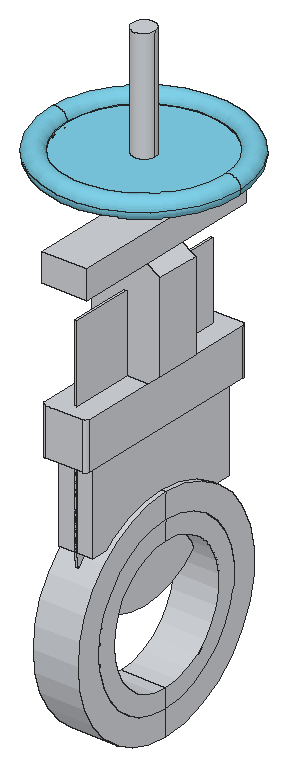
Revit family "6500", category Pipe Accessories, Revit 2018
Family settings
  Round Connector Dimension = Use Diameter
  Part Type = Valve - Breaks Into
  Work Plane-Based = No
  Always vertical = Yes
  Cut with Voids When Loaded = No
  Shared = No
Parameters (values of type "6500 Knife Gate Valve")
  pipe radius [instance] = Pipe Diameter / 2  # 3.3125"
  pad fillet [instance] = 0.205"  # constant formula
  fillet1 [instance] = 0.074"  # constant formula
  center of handle [instance] = H8 - HND1  # 20.370"
  Weight [instance] = size_lookup(LookupTable, "Weight", "NA", Nominal Diameter)  # "51 lbs."
  WR3 [instance] = 0.250"  # constant formula
  WH1 [instance] = size_lookup(LookupTable, "WH1", 0.000", Nominal Diameter)  # 14.64525"
  WD1 [instance] = size_lookup(LookupTable, "WD1", 0.000", Nominal Diameter)  # 10.000"
  W5 [instance] = size_lookup(LookupTable, "W5", 0.000", Nominal Diameter)  # 10.000"
  W4 [instance] = size_lookup(LookupTable, "W4", 0.000", Nominal Diameter)  # 2.250"
  W3 [instance] = R2 * 2  # 8.500"
  URL = "http://www.fnw.com"
  Standards Lookup Table = "Standards"  # constant formula
  R2 [instance] = size_lookup(LookupTable, "R2", 0.000", Nominal Diameter)  # 4.250"
  R1 [instance] = size_lookup(LookupTable, "R1", 0.000", Nominal Diameter)  # 5.500"
  Product ID [instance] = size_lookup(LookupTable, "ProductID", "NA", Nominal Diameter)  # "0"
  Pipe Diameter [instance] = size_lookup(Standards Lookup Table, "pipe_dia", 0.000", Nominal Diameter)  # 6.625"
  Part Number [instance] = size_lookup(LookupTable, "PartNumber", "NA", Nominal Diameter)  # "FNW6500U"
  Nominal Diameter [instance] = 6"
  LookupTable = "6500 Knife Gate Valve"  # constant formula
  L2 [instance] = 0.125"  # constant formula
  L1 [instance] = size_lookup(LookupTable, "L1", 0.000", Nominal Diameter)  # 2.250"
  HND1 [instance] = if(Nominal Diameter < 4.000", 0.380", 0.500")  # 0.500"
  H9 [instance] = size_lookup(LookupTable, "H9", 0.000", Nominal Diameter)  # 25.980"
  H8 [instance] = size_lookup(LookupTable, "H8", 0.000", Nominal Diameter)  # 20.870"
  H7 [instance] = size_lookup(LookupTable, "H7", 0.000", Nominal Diameter)  # 18.0575"
  H5 [instance] = size_lookup(LookupTable, "H5", 0.000", Nominal Diameter)  # 17.6825"
  H4 [instance] = size_lookup(LookupTable, "H4", 0.000", Nominal Diameter)  # 16.2725"
  H3 [instance] = size_lookup(LookupTable, "H3", 0.000", Nominal Diameter)  # 10.850"
  H2 [instance] = size_lookup(LookupTable, "H2", 0.000", Nominal Diameter)  # 8.500"
  Description BOM [instance] = size_lookup(LookupTable, "Description_BOM", "NA", Nominal Diameter)  # "6 6500 Knife Gate Valve"
  D8 [instance] = size_lookup(LookupTable, "D8", 0.000", Nominal Diameter)  # 3.375"
  D7 [instance] = size_lookup(LookupTable, "D7", 0.000", Nominal Diameter)  # 8.875"
  D6 [instance] = size_lookup(LookupTable, "D6", 0.000", Nominal Diameter)  # 1.8125"
  D4 [instance] = size_lookup(LookupTable, "D4", 0.000", Nominal Diameter)  # 1.125"
  D3 [instance] = size_lookup(LookupTable, "D3", 0.000", Nominal Diameter)  # 1.6875"
  D1 [instance] = size_lookup(LookupTable, "D1", 0.000", Nominal Diameter)  # 2.250"
  Braceanlge [instance] = 60.00°  # constant formula
  BRC1 [instance] = 0.500"  # constant formula
  Angle [instance] = 120.00°  # constant formula
Reference planes (in)
  plane 1 "Center (Front/Back)": y = 0
  plane 2: z = 0
  plane 3 "Center (Left/Right)": x = 0
  plane 4: y = 0.375
  plane 5: y = -0.375
  plane 6: z = 5.5
  plane 7: z = 3.3125
  plane 8: x = -1.125
  plane 9: x = 1.125
  plane 10: z = 8.5
  plane 11: z = 10.85
  plane 12: z = 20.87
  plane 13: x = 4.4375
  plane 14: x = -4.4375
  plane 15: x = 0.90625
  plane 16: x = -0.90625
  plane 17: x = -0.84375
  plane 18: x = 0.84375
  plane 19: x = 0.87625
  plane 20: x = -0.87625
  plane 21: x = 1.125
  plane 22: x = -1.125
  plane 23: x = -0.625
  plane 24: x = 0.625
  plane 25: z = 25.98
  plane 26: x = -0.5625
  plane 27: x = 0.5625
  plane 28 "center of handle": z = 20.37
  plane 29: z = 4.25
  plane 30: y = -0.345
  plane 31: y = 0.345
  plane 32: y = -1.1875
  plane 33: y = 1.1875
  plane 34: y = -4.25
  plane 35: y = 4.25
  plane 36: y = 5
  plane 37: y = -5
  plane 38: z = 18.0575
  plane 39: y = 0.625
  plane 40: y = -0.625
  plane 41: x = -0.0625
  plane 42: x = 0.0625
  plane 43 "TOP SHAPE BASE": z = 16.2725
  plane 44: z = 17.6825
  plane 45: x = 1.125
  plane 46: x = -1.125
  plane 47: x = 1.6875
  plane 48: x = -1.6875
  plane 49: z = 11.35
  plane 50: z = 15.7725
  plane 51: y = 1.125
  plane 52: y = -1.125
  plane 53: y = -5
  plane 54: y = 5
Forms (in)
  Revolve 1, solid
    sketch origin (0, 0, 0) x (-1, 0, 0) y (0, 0, 1)
      loop
        line (-1.125, 5.5) -> (-1.125, 4.25) -> (1.125, 4.25) -> (1.125, 5.5) -> (-1.125, 5.5)
      axis (1.125, 0) -> (-1.125, 0)
    angle from 0 to 360
  Revolve 2, solid
    sketch origin (0, 0, 0) x (1, 0, 0) y (0, 0, 1)
      loop
        line (-1.125, 4.25) -> (-1.125, 3.3125) -> (1.125, 3.3125) -> (1.125, 4.25) -> (-1.125, 4.25)
      axis (-1.125, 0) -> (1.125, 0)
    angle from 0 to 360
  Extrusion 3, solid
    sketch origin (0, 0, 0) x (1, 0, 0) y (0, 1, 0)
      loop
        arc (-0.92, 5) -> (-1.06496, 4.93996) -> (-1.125, 4.795) r 0.205
        line (-1.125, 4.795) -> (-1.125, -4.795)
        arc (-1.125, -4.795) -> (-1.06496, -4.93996) -> (-0.92, -5) r 0.205
        line (-0.92, -5) -> (0.92, -5)
        arc (0.92, -5) -> (1.06496, -4.93996) -> (1.125, -4.795) r 0.205
        line (1.125, -4.795) -> (1.125, 4.795)
        arc (1.125, 4.795) -> (1.06496, 4.93996) -> (0.92, 5) r 0.205
        line (0.92, 5) -> (-0.92, 5)
    from 8.5 to 10.85
  Sweep 4, solid, material "Lever Handle Blue lt"
    path in 3D
      loop
        arc (4.4375, 0, 20.37) -> (0, 4.4375, 20.37) -> (-4.4375, 0, 20.37) r 4.4375
        arc (-4.4375, 0, 20.37) -> (0, -4.4375, 20.37) -> (4.4375, 0, 20.37) r 4.4375
    profile origin (0, -4.4375, 20.37) x (0, 1, 0) y (0, 0, 1)
      loop
        circle (0.08977, 0) r 0.5
  Extrusion 5, solid
    sketch origin (0, 0, 20.37) x (-1, 0, 0) y (0, -1, 0)
      loop
        circle (0, 0) r 0.5625
    from -9.52 to 5.61
  Extrusion 6, solid
    sketch origin (0, 0, 0) x (0, 1, 0) y (0, 0, 1)
      loop
        line (4.25, 4.25) -> (4.25, 14.64525) -> (-4.25, 14.64525) -> (-4.25, 4.25)
        arc (-4.25, 4.25) -> (-3.0052, 1.2448) -> (0, 0) r 4.25
        arc (0, 0) -> (3.0052, 1.2448) -> (4.25, 4.25) r 4.25
    from -0.0625 to 0.0625
  Extrusion 7, solid
    sketch origin (0, 0, 0) x (0, 1, 0) y (0, 0, 1)
      loop
        line (-4.25, 8.5) -> (-4.25, 4.25) -> (4.25, 4.25) -> (4.25, 8.5) -> (-4.25, 8.5)
    from -0.84375 to 0.84375
  Extrusion 8, solid
    sketch origin (0, 0, 9.3925) x (0, -1, 0) y (1, 0, 0)
      loop
        line (-5, -1.125) -> (5, -1.125) -> (5, 1.125) -> (-5, 1.125) -> (-5, -1.125)
    from 6.88 to 8.29
  Extrusion 9, solid
    sketch origin (0, 0, 0) x (1, 0, 0) y (0, 0, 1)
      loop
        line (-0.87625, 16.2725) -> (-1.6875, 15.7725) -> (-1.6875, 11.35) -> (-1.125, 10.85) -> (1.125, 10.85) -> (1.6875, 11.35) -> (1.6875, 15.7725) -> (0.87625, 16.2725) -> (-0.87625, 16.2725)
    from -1.125 to 1.125
  Blend 10, solid, material "Lever Handle Blue lt"
    base sketch origin (0, 0, 16.2725) x (0, -1, 0) y (1, 0, 0)
      loop
        circle (0, 0) r 4.4375
    top sketch origin (0, 0, 16.2725) x (0, -1, 0) y (1, 0, 0)
      loop
        circle (0, 0) r 1.25
    from 4.0975 to 1.785
Lines and regions (in)
  model lines
    curve 1: circle (0, 0, 20.37) r 4.4375 normal (0, 0, 1)
  sketch lines
    curve 2: circle (0, 0, 20.37) r 4.4375 normal (0, 0, 1)
Dimensions and locks (in)
  equal spacing: plane 9, plane 3 "Center (Left/Right)", plane 8
  "L1": plane 9 to plane 8
  "center of handle": plane 28 "center of handle" to plane 2
  "H8": plane 12 to plane 2
  "H3": plane 11 to plane 2
  "H2": plane 10 to plane 2
  "R1": plane 6 to plane 2
  "H9": plane 25 to plane 2
  equal spacing: plane 13, plane 3 "Center (Left/Right)", plane 14
  "D7": plane 13 to plane 14
  equal spacing: plane 15, plane 3 "Center (Left/Right)", plane 16
  "D6": plane 15 to plane 16
  equal spacing: plane 26, plane 3 "Center (Left/Right)", plane 27
  "D4": plane 26 to plane 27
  equal spacing: plane 17, plane 3 "Center (Left/Right)", plane 18
  "D3": plane 17 to plane 18
  equal spacing: plane 21, plane 3 "Center (Left/Right)", plane 22
  "D1": plane 21 to plane 22
  "pipe radius": plane 7 to plane 2
  "R2": plane 29 to plane 2
  equal spacing: plane 30, plane 1 "Center (Front/Back)", plane 31
  plane 30 to plane 31 = 0.690"
  equal spacing: plane 32, plane 1 "Center (Front/Back)", plane 33
  equal spacing: plane 34, plane 1 "Center (Front/Back)", plane 35
  "W3": plane 34 to plane 35
  equal spacing: plane 36, plane 1 "Center (Front/Back)", plane 37
  "H7": plane 38 to plane 2
  "WD1": plane 36 to plane 37
  equal spacing: plane 39, plane 1 "Center (Front/Back)", plane 40
  plane 39 to plane 40 = 1.250"
  "WH1": Extrusion 6 sketch curve to level
  equal spacing: plane 42, plane 3 "Center (Left/Right)", plane 41
  "L2": plane 42 to plane 41
  "H4": plane 43 "TOP SHAPE BASE" to plane 2
  "H5": plane 44 to plane 2
  equal spacing: plane 48, plane 3 "Center (Left/Right)", plane 47
  "D8": plane 48 to plane 47
  "BRC1": plane 43 "TOP SHAPE BASE" to plane 50
  "BRC1": plane 49 to plane 11
  equal spacing: plane 51, plane 1 "Center (Front/Back)", plane 52
  "W4": plane 51 to plane 52
  equal spacing: plane 53, plane 1 "Center (Front/Back)", plane 54
  "W5": plane 53 to plane 54
  equal spacing: plane 46, plane 3 "Center (Left/Right)", plane 45
  "D1": plane 46 to plane 45
  "pad fillet": radius of Extrusion 3 sketch curve  (x4)
  "D7": diameter of curve 1
  "HND1": radius of Sweep 4 sketch curve
  "D4": diameter of Extrusion 5 sketch curve
  "R2": radius of Extrusion 6 sketch curve  (x2)
  "D7": diameter of Blend 10 sketch curve
  radius of Blend 10 sketch curve = 1.250"
  aligned and locked: plane 2 to level
  aligned and locked: Revolve 1 sketch curve to plane 6
  aligned and locked: Revolve 2 sketch curve to plane 2
  aligned and locked: plane 29 to Revolve 2 sketch curve
  aligned and locked: Revolve 2 sketch curve to plane 7
  aligned and locked: Extrusion 3 to plane 10
  aligned and locked: plane 11 to Extrusion 3
  aligned and locked: plane 21 to Extrusion 3
  aligned and locked: Extrusion 3 to plane 22
  aligned and locked: Revolve 1 sketch curve to plane 8
  aligned and locked: plane 9 to Revolve 1 sketch curve
  aligned and locked: plane 8 to Revolve 2 sketch curve
  aligned and locked: Revolve 2 sketch curve to plane 9
  aligned and locked: Extrusion 5 to plane 11
  aligned and locked: plane 29 to Revolve 1 sketch curve
  aligned and locked: Extrusion 6 to plane 41
  aligned and locked: Extrusion 6 to plane 42
  aligned and locked: plane 35 to Extrusion 6 sketch curve
  aligned and locked: Extrusion 6 sketch curve to plane 34
  aligned and locked: plane 34 to Extrusion 7 sketch curve
  aligned and locked: Extrusion 7 sketch curve to plane 35
  aligned and locked: Extrusion 7 sketch curve to plane 29
  aligned and locked: Extrusion 7 sketch curve to plane 10
  aligned and locked: Extrusion 7 to plane 17
  aligned and locked: plane 18 to Extrusion 7
  aligned and locked: Extrusion 8 to plane 46
  aligned and locked: plane 45 to Extrusion 8
  aligned and locked: plane 11 to Extrusion 9 sketch curve
  aligned and locked: plane 22 to Extrusion 9 sketch curve
  aligned and locked: plane 43 "TOP SHAPE BASE" to Extrusion 9 sketch curve
  aligned and locked: plane 50 to Extrusion 9 sketch curve  (x2)
  aligned and locked: plane 49 to Extrusion 9 sketch curve  (x2)
  aligned and locked: Extrusion 9 sketch curve to plane 48
  aligned and locked: Extrusion 9 sketch curve to plane 47
  aligned and locked: Extrusion 9 to plane 51
  aligned and locked: plane 52 to Extrusion 9
  aligned and locked: plane 25 to Extrusion 5
  aligned and locked: Blend 10 to plane 28 "center of handle"
  aligned and locked: plane 54 to Extrusion 8
  aligned and locked: Extrusion 8 to plane 53
  aligned and locked: Blend 10 to plane 38
  aligned and locked: Extrusion 8 to plane 44
  aligned and locked: plane 43 "TOP SHAPE BASE" to Extrusion 8
Automatic sketch dimensions
  Revolve 2 sketch curve to plane 26 = 0.01059"
  Revolve 2 sketch curve to plane 13 = 0.50503"
  Revolve 1 sketch curve to level = 0.000"
  Revolve 1 sketch curve to plane 13 = 0.06481"
  plane 13 to Revolve 1 sketch curve = 0.99634"
  plane 36 to Extrusion 8 sketch curve = 0.000"
  plane 37 to Extrusion 8 sketch curve = 0.000"
  Extrusion 8 sketch curve to plane 20 = 0.24875"
  Extrusion 8 sketch curve to plane 19 = 0.24875"
  plane 1 "Center (Front/Back)" to Blend 10 sketch curve = 0.000"  (x2)
  Blend 10 sketch curve to plane 3 "Center (Left/Right)" = 0.000"  (x2)
  Extrusion 3 sketch curve to plane 8 = 0.000"
  Extrusion 3 sketch curve to plane 36 = 0.000"
  plane 37 to Extrusion 3 sketch curve = 0.000"
  Extrusion 3 sketch curve to plane 9 = 0.000"
  plane 1 "Center (Front/Back)" to curve 1 = 0.000"
  curve 1 to plane 3 "Center (Left/Right)" = 0.000"
  Sweep 4 sketch curve to profile plane = 0.000"
  Sweep 4 sketch curve to profile plane = 0.08977"
  plane 1 "Center (Front/Back)" to Extrusion 5 sketch curve = 0.000"
  Extrusion 5 sketch curve to plane 3 "Center (Left/Right)" = 0.000"
  Extrusion 6 sketch curve to Extrusion 6 sketch curve = 0.000"
  Extrusion 6 sketch curve to level = 0.000"
  Extrusion 9 sketch curve to plane 20 = 0.000"
  Extrusion 9 sketch curve to plane 19 = 0.000"
  Extrusion 9 sketch curve to plane 9 = 0.000"
Connectors (in)
  piping at (-1.125, 0, 0), diameter 6, driven by "Nominal Diameter"
    settings: on Revolve 1, index 1, connector inside diameter 24", connector length 0.000", flow factor 0, pipe flow 0 GPM, pressure drop 0.00 psi, fitting loss kfactor 0, connector angle 0.00°, fixture units 0, engagement length 0.000", angle of deflection 0.00°, flow configuration 0, flow direction 0, fitting loss method 0, system type 29, joint type 0, gender type 0, connector reference index -1, connector utility 0, adjustable connector no, is connector primary yes, connector description ""
  piping at (1.125, 0, 0), diameter 6, driven by "Nominal Diameter"
    settings: on Revolve 1, index 2, connector inside diameter 24", connector length 0.000", flow factor 0, pipe flow 0 GPM, pressure drop 0.00 psi, fitting loss kfactor 0, connector angle 0.00°, fixture units 0, engagement length 0.000", angle of deflection 0.00°, flow configuration 0, flow direction 0, fitting loss method 0, system type 29, joint type 0, gender type 0, connector reference index -1, connector utility 0, adjustable connector no, is connector primary no, connector description ""
